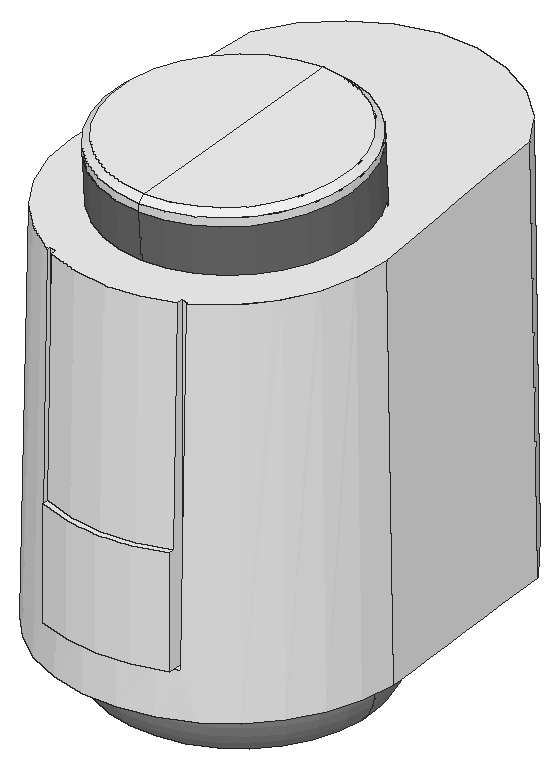
Revit family "E_Actuator_F_MEPcontent_Oventrop_Aktor T ST", category Electrical Fixtures, host Face, Revit 2015
Parameters (values of type "2953")
  Width = 44.3 mm
  Wholesaler Art. No. = ""
  Wholesaler = ""
  White = Color RGB 245-245-245
  Watermarked By = "www.stabiplan.com"
  Travel = "5.0 mm"  # constant formula
  Storage Temperature = "-25 °C up to +60 °C"  # constant formula
  Start Up Load = "< 320 mA for a max. of 2 min."  # constant formula
  Protective System = "III according to EN 60730"  # constant formula
  Protection = "IP 54 in any position"  # constant formula
  Power [instance] = 0 VA
  Piston Stroke = "automatic recognition"  # constant formula
  Operating Power = "> 90 N"  # constant formula
  URL = "www.stabiplan.com"
  Stabu Code = ""
  Revit Version = "2015"  # constant formula
  Product Line = "Oventrop"
  Voltage = 24 V
  Model = "2953"
  Medium Floating Time = "30 s/mm"  # constant formula
  Manufacturer URL = "https://www.oventrop.com//Pools/Files/hbtd/en/db_1012953_en_b7f18f65-3423-471d-a755-bed75bb5279f.pdf"
  Manufacturer Art. No. = "1012953"
  Manufacturer = "Oventrop"  # constant formula
  MEPcontent Class = "ACTUATOR"  # constant formula
  Input Impedance = "100 kW"  # constant formula
  IFCExportType = "ELECTRICACTUATOR"  # constant formula
  IFCExportAs = "IfcActuatorType"  # constant formula
  Fluid Temperature = "0 °C up to 100 °C"  # constant formula
  Control Voltage = "0-10 V DC"  # constant formula
  Continuous Current = "about 42 mA"  # constant formula
  Cap Length 2 = if(and(Cap Length < 1.8 mm), 2.3 mm, if(and(Cap Length > 7.5 mm), 7.5 mm, Cap Length + 2.3 mm))  # 8.5 mm
  Cap Length = 6.2 mm  # constant formula
  Black = Color RGB 060-060-060
  Length = 61.5 mm
  Internal Art. No. = ""
  Height = 53.0 mm
  Grey = Color RGB 100-100-100
  GTIN = "4026755423365"
  Function Code [instance] = ""
  Family Version = "10.14"  # constant formula
  ETIM Article Class = "EC011290"
  EMCS Version = "2.0"  # constant formula
  Description = "Electrothermal actuator \"Aktor T ST\" \"L NC\", 24 V, closed with current \"off\", 0-10 V"
  Default Elevation = 1219.2 mm
  Custom = no
  Copyright = "© Stabiplan International BV"  # constant formula
  Content Supplier URL = "www.mepcontent.eu"
  Connecting Cable = "3 x 0.22 mm², length 1 m, plug-in connection"  # constant formula
  CB-NL Class = ""
  Article Type = "2953"
  Article Description = "Electrothermal actuator \"Aktor T ST\" \"L NC\", 24 V, closed with current \"off\", 0-10 V"
  Ambient Temperature = " 0 °C up to 60 °C"  # constant formula
Reference planes
  plane 1 "Center (Front/Back)": y = 0
  plane 2: z = 0
  plane 3 "Center (Left/Right)": x = 0
  plane 4: z = 17.5
  plane 5: z = 53
  plane 6: z = -7
  plane 7: z = 8.5
  plane 8: x = -22.15
  plane 9: x = 22.15
  plane 10: x = -16.5
  plane 11: x = 16.5
  plane 12: z = 1.9
  plane 13: y = -1.85
  plane 14: y = -24.441
  plane 15: y = 37.059
Forms (mm)
  Revolve 1, solid, material "Color RGB 100-100-100" <- "Grey", detail levels fine
    sketch origin (0, 0, 0) x (1, 0, 0) y (0, 0, 1)
      loop
        line (-16.5, -7) -> (-16.5, 0) -> (0, 0) -> (0, 1.9) -> (-16.5, 1.9)
        arc (-16.5, 1.9) -> (-18.216, -2.55) -> (-16.5, -7) r 6.628
      axis (0, 1.9) -> (0, -7)
    angle from 0 to 360
  Blend 2, solid, material "Color RGB 245-245-245" <- "White", detail levels fine
    base sketch origin (0, 0, 0) x (1, 0, 0) y (0, 1, 0)
      loop
        arc (-22.15, -1.85) -> (0, -24) -> (22.15, -1.85) r 22.15
        line (22.15, -1.85) -> (19.511, 25.642)
        arc (19.511, 25.642) -> (-0.314, 37.061) -> (-20.14, 25.642) r 22.92
        line (-20.14, 25.642) -> (-22.15, -1.85)
    top sketch origin (0, 0, 0) x (1, 0, 0) y (0, 1, 0)
      loop
        arc (-21.153, -1.886) -> (-0.005, -23.004) -> (21.155, -1.897) r 21.154
        line (21.155, -1.897) -> (18.514, 25.571)
        arc (18.514, 25.571) -> (-0.315, 37.061) -> (-19.143, 25.571) r 21.171
        line (-19.143, 25.571) -> (-21.153, -1.886)
    from 0 to 53
  Extrusion 3, void
    sketch origin (0, 0, 0) x (1, 0, 0) y (0, 0, 1)
      loop
        line (-9.337, 53) -> (-9.337, 5.989) -> (-8.506, 5.989) -> (-8.506, 53) -> (-9.337, 53)
      loop
        line (9.338, 53) -> (8.506, 53) -> (8.506, 5.989) -> (9.338, 5.989) -> (9.338, 53)
    from 20.585 to 24
  Extrusion 4, void
    sketch origin (0, 0, 0) x (0, 1, 0) y (0, 0, 1)
      loop
        line (24.526, -1.048) -> (37.177, -1.048) -> (37.177, 10.187) -> (34.555, 8.869) -> (34.555, 6.239) -> (24.526, -1.048)
    from -22.15 to 22.15
  Extrusion 5, solid, material "Color RGB 245-245-245" <- "White", detail levels fine
    sketch origin (0, 0, 0) x (1, 0, 0) y (0, 1, 0)
      loop
        arc (-8.506, -22.82) -> (0.01, -24.441) -> (8.506, -22.722) r 22.495
        line (8.506, -22.722) -> (8.506, -21.835) -> (-8.506, -21.835) -> (-8.506, -22.82)
    from 5.989 to 20.309
  Extrusion 6, void
    sketch origin (0, 0, 0) x (0, 1, 0) y (0, 0, 1)
      loop
        line (37.061, 52.997) -> (37.061, 56.76) -> (-24.441, 56.76) -> (-24.441, 49.774) -> (37.061, 52.997)
    from -22.15 to 22.15
  Sweep 7, solid, material "Color RGB 245-245-245" <- "White", detail levels fine
    path in 3D
      loop
        line (0, 33.32, 9.878) -> (0, 37.969, -0.564)
    profile origin (0, 35.645, 4.657) x (0, 0.913545, 0.406737) y (1, 0, 0)
      loop
        circle (0, 0) r 2.5
  Sweep 8, solid, material "Color RGB 060-060-060" <- "Black", detail levels fine
    path in 3D
      loop
        line (0, -1.219, 57.225) -> (0, -0.646, 48.744)
    profile origin (0, -0.933, 52.984) x (0, 0.997725, 0.06742) y (1, 0, 0)
      loop
        circle (0, 0) r 16.038
  Revolve 9, solid, material "Color RGB 245-245-245" <- "White", detail levels fine
    sketch origin (0, 0, 0) x (0, 1, 0) y (0, 0, 1)
      loop
        line (-1.219, 57.225) -> (14.782, 58.306) -> (14.71, 59.377) -> (13.762, 60.041) -> (-1.341, 59.021) -> (-1.219, 57.225)
      axis (-1.341, 59.021) -> (-1.219, 57.225)
    angle from 0 to 360
  Extrusion 10, void
    sketch origin (0, 0, 0) x (1, 0, 0) y (0, 1, 0)
      loop
        circle (0, 0) r 16.5
    from -1.048 to 1.9
Cuts and joins
  Extrusion 3 cuts Revolve 1
  Extrusion 3, Extrusion 4, Extrusion 6, Extrusion 10 cuts Blend 2
  Extrusion 6, Extrusion 10 cuts Extrusion 5
  Extrusion 10 cuts Sweep 7
  joined: Blend 2, Extrusion 5, Sweep 7
Lines and regions (mm)
  reference lines
    curve 1: line (0, 33.32, 9.878) -> (0, 37.969, -0.564)
    curve 3: line (0, -1.219, 57.225) -> (0, -0.646, 48.744)
  sketch lines
    curve 2: line (0, 33.32, 9.878) -> (0, 37.969, -0.564)
    curve 4: line (0, -1.219, 57.225) -> (0, -0.646, 48.744)
Dimensions and locks
  locked: level to plane 6 at 7
  "Width": plane 9 to plane 8
  equal spacing: plane 11, plane 3 "Center (Left/Right)", plane 10
  locked: plane 11 to plane 10 at 33
  equal spacing: plane 9, plane 3 "Center (Left/Right)", plane 8
  "Height": plane 5 to host face
  locked: plane 5 to plane 12 at 51.1
  locked: plane 14 to plane 1 "Center (Front/Back)" at 24.441
  "Length": plane 15 to plane 14
  curve 3 to plane 1 "Center (Front/Back)" = 1.219 mm
  "Cap Length 2": curve 3 to curve 3
  locked: plane 5 to curve 3 at 4.256
  locked: Revolve 9 sketch curve to Revolve 9 sketch curve at 1.8
  locked: Revolve 9 sketch curve to Revolve 9 sketch curve at 16.038
  locked: Revolve 9 sketch curve to Revolve 9 sketch curve at 1.074
  locked: plane 5 to curve 3 (angle 86.1342°)
  aligned and locked: plane 2 to host face
  aligned and locked: level to host face
  aligned and locked: plane 10 to Revolve 1 sketch curve
  aligned and locked: plane 5 to Blend 2
  aligned and locked: Extrusion 4 to plane 8
  aligned and locked: plane 9 to Extrusion 4
  aligned and locked: plane 5 to Extrusion 3  (x2)
  aligned and locked: Extrusion 6 to plane 8
  aligned and locked: plane 9 to Extrusion 6
  aligned and locked: Revolve 9 sketch curve to Sweep 8
  aligned and locked: Revolve 9 sketch curve to Revolve 9 sketch curve
  aligned and locked: plane 12 to Extrusion 10
  aligned and locked: Extrusion 4 to Extrusion 10
Automatic sketch dimensions
  host sketch curve to host sketch curve = 2438.4 mm  (x2)
  Revolve 1 sketch curve to plane 10 = 0.0 mm
  Revolve 1 sketch curve to plane 3 "Center (Left/Right)" = 0.0 mm  (x2)
  Revolve 1 sketch curve to plane 6 = 0.0 mm
  Revolve 1 sketch curve to level = 0.0 mm
  Revolve 1 sketch curve to plane 12 = 0.0 mm
  plane 10 to Revolve 1 sketch curve = 4.912 mm
  Revolve 1 sketch curve to plane 6 = 602.6 mm
  plane 5 to Revolve 1 sketch curve = 2556.058 mm
  Extrusion 3 sketch curve to plane 5 = 0.0 mm  (x2)
  level to Extrusion 3 sketch curve = 5.989 mm  (x2)
  plane 10 to Extrusion 3 sketch curve = 7.162 mm
  Extrusion 3 sketch curve to Extrusion 3 sketch curve = 0.831 mm  (x2)
  Extrusion 3 sketch curve to plane 11 = 7.994 mm
  Extrusion 5 sketch curve to plane 3 "Center (Left/Right)" = 0.12 mm
  plane 14 to Extrusion 5 sketch curve = 1.621 mm
  Extrusion 5 sketch curve to Extrusion 5 sketch curve = 0.098 mm
  Extrusion 5 sketch curve to Extrusion 5 sketch curve = 0.887 mm
  plane 10 to Extrusion 5 sketch curve = 7.994 mm
  plane 3 "Center (Left/Right)" to Extrusion 5 sketch curve = 8.506 mm
  plane 8 to Blend 2 sketch curve = 0.997 mm
  Blend 2 sketch curve to plane 10 = 2.643 mm
  Blend 2 sketch curve to plane 3 "Center (Left/Right)" = 0.315 mm
  plane 3 "Center (Left/Right)" to Blend 2 sketch curve = 0.001 mm
  plane 11 to Blend 2 sketch curve = 2.014 mm
  Blend 2 sketch curve to plane 9 = 0.995 mm
  plane 1 "Center (Front/Back)" to Blend 2 sketch curve = 1.897 mm
  plane 1 "Center (Front/Back)" to Blend 2 sketch curve = 1.886 mm
  Blend 2 sketch curve to plane 1 "Center (Front/Back)" = 15.89 mm
  Blend 2 sketch curve to plane 15 = 11.488 mm
  Blend 2 sketch curve to plane 8 = 0.0 mm
  Blend 2 sketch curve to plane 3 "Center (Left/Right)" = 0.0 mm
  Blend 2 sketch curve to plane 13 = 0.0 mm
  plane 8 to Blend 2 sketch curve = 2.01 mm
  Blend 2 sketch curve to plane 3 "Center (Left/Right)" = 0.314 mm
  Blend 2 sketch curve to plane 9 = 2.639 mm
  Blend 2 sketch curve to plane 1 "Center (Front/Back)" = 14.14 mm
  Blend 2 sketch curve to plane 15 = 11.417 mm
  Extrusion 6 sketch curve to plane 14 = 0.0 mm
  Extrusion 6 sketch curve to plane 5 = 0.003 mm
  Extrusion 6 sketch curve to plane 5 = 3.226 mm
  plane 5 to Extrusion 6 sketch curve = 3.76 mm
  plane 15 to Extrusion 6 sketch curve = 0.002 mm
  Sweep 7 sketch curve to profile plane = 0.0 mm  (x2)
  Extrusion 4 sketch curve to level = 1.048 mm
  Extrusion 4 sketch curve to plane 15 = 12.533 mm
  plane 7 to Extrusion 4 sketch curve = 0.369 mm
  Extrusion 4 sketch curve to plane 15 = 2.504 mm
  plane 15 to Extrusion 4 sketch curve = 0.118 mm
  Extrusion 4 sketch curve to plane 7 = 2.261 mm
  plane 7 to Extrusion 4 sketch curve = 1.687 mm
  Sweep 8 sketch curve to profile plane = 0.0 mm  (x2)
  Revolve 9 sketch curve to Revolve 9 sketch curve = 0.948 mm
  plane 1 "Center (Front/Back)" to Revolve 9 sketch curve = 0.592 mm
  plane 1 "Center (Front/Back)" to Revolve 9 sketch curve = 1.219 mm
  plane 1 "Center (Front/Back)" to Revolve 9 sketch curve = 2.059 mm
  plane 1 "Center (Front/Back)" to Extrusion 10 sketch curve = 0.0 mm
  Extrusion 10 sketch curve to plane 3 "Center (Left/Right)" = 0.0 mm
  plane 7 to curve 1 = 1.378 mm
  curve 1 to plane 15 = 3.739 mm
  plane 15 to curve 1 = 0.911 mm
  curve 1 to level = 0.564 mm
  radius of Sweep 7 sketch curve = 2.5 mm
  radius of Sweep 8 sketch curve = 16.038 mm
  radius of Extrusion 10 sketch curve = 16.5 mm
Connectors
  electrical at (0, 37.969, -0.564), driven by "Voltage", driven by "Power"
    settings: on cut or joined group of Blend 2, Extrusion 3, Extrusion 4, Extrusion 5, Extrusion 6, Sweep 7, Extrusion 10, index 1, voltage 24 V, apparent load 0 VA, apparent load phase1 0 VA, apparent load phase2 0 VA, apparent load phase3 0 VA, power factor 1, load classification "Other", number of poles 1, system type 30, power factor state 1, is connector primary yes, connector utility no, sub classification motor no, connector description "Power - Balanced"
